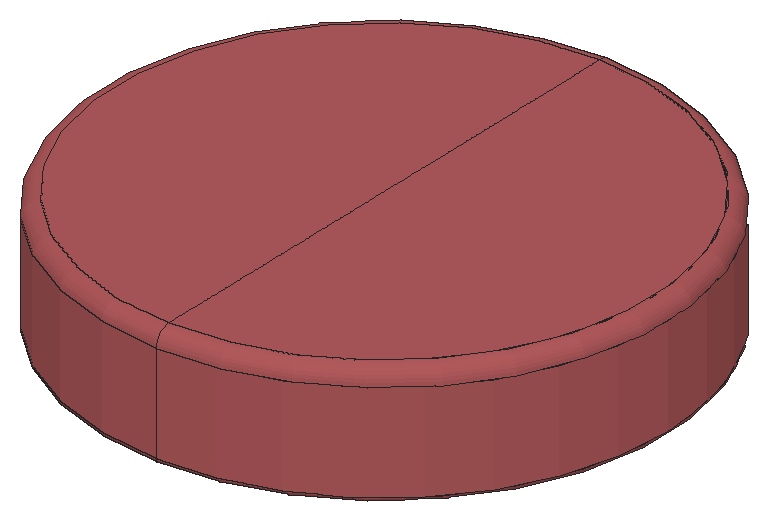
Revit family "Dot 18in Rocking", category Generic Models, Revit 2018
Family settings
  Can host rebar = No
  Round Connector Dimension = Use Diameter
  Part Type = Normal
  Work Plane-Based = No
  Always vertical = Yes
  Cut with Voids When Loaded = No
  Shared = No
  Room Calculation Point = No
Parameters
  Fabric = Dot 18" Rocking Fabric
Reference planes (in)
  plane 1 "Center (Front/Back)": y = 0
  plane 2: z = 0
  plane 3 "Center (Left/Right)": x = 0
Forms (in)
  Revolve 1, solid, material "Dot-Rocking Base"
    sketch origin (0, 0, 0) x (0, 1, 0) y (0, 0, 1)
      loop
        line (0, 1.33009) -> (-8.19899, 1.33009)
        arc (-8.19899, 1.33009) -> (-8.24013, 1.31306) -> (-8.25717, 1.27192) r 0.05817
        line (-8.25717, 1.27192) -> (-8.25717, 1.07389)
        arc (-8.25717, 1.07389) -> (-8.2169, 0.97667) -> (-8.11967, 0.93639) r 0.13749
        line (-8.11967, 0.93639) -> (-7.94867, 0.93639)
        arc (-7.94867, 0.93639) -> (-4.00182, 0.23491) -> (0, 0) r 34.20477
        line (0, 0) -> (0, 1.33009)
      axis (0, 1.33009) -> (0, 0)
    angle from 0 to 360
  Revolve 2, solid, material "Dot 18" Rocking Fabric" <- "Fabric"
    sketch origin (0, 0, 0.78222) x (0, 1, 0) y (0, 0, 1)
      loop
        line (0, 4.29788) -> (-8.50781, 4.29788)
        arc (-8.50781, 4.29788) -> (-8.86132, 4.15145) -> (-9.00774, 3.79795) r 0.49993
        line (-9.00774, 3.79795) -> (-9.00774, 0.67289)
        arc (-9.00774, 0.67289) -> (-8.97113, 0.58449) -> (-8.88273, 0.54788) r 0.12501
        line (-8.88273, 0.54788) -> (0, 0.54788) -> (0, 4.29788)
      axis (0, 4.29788) -> (0, 0.54788)
    angle from 0 to 360
Dimensions and locks (in)
  aligned and locked: plane 2 to level
